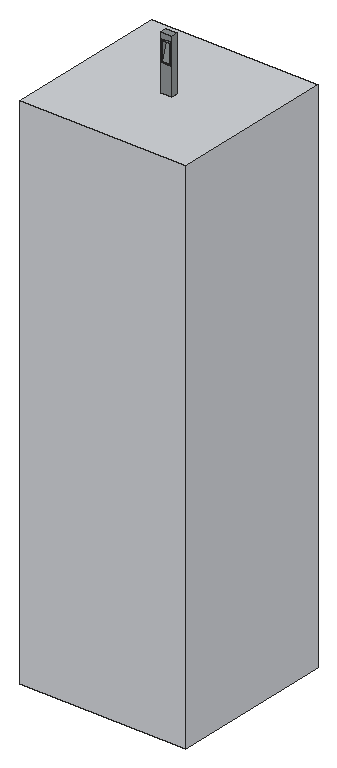
Revit family "Световой боллард Акцент", category Осветительные приборы, Revit 2018
Family settings
  Основа = Грань
  Размер круглого соединителя = Использовать диаметр
  Тип детали = Нормальный
  При загрузке вырезать с полостями = Да
  Источник света = Нет
  Общий = Нет
  Точка расчета площади = Нет
Parameters (values of type "Световой боллард Акцент LED-15/727/YW360F  в комплекте с анкерной закладной")
  Электронный адрес изготовителя = "opora@bl-g.ru"  # constant formula
  Угол наклона технический [instance] = if(Наклон 15 градусов, 255.00°, 270.00°)  # 255.00°
  Светильник = GALAD Акцент LED под анкер : Световой боллард "Акцент" LED-15/727/YW360F  в комплекте с анкерной закладной
  Наклон 15 градусов [instance] = yes
  Наименование ЗДФ = ""
  Характеристика заземления = "Болт заземления М10"
  Тип фиксации опоры к закладной = ""
  Тип продукции = "Осветительный комплект"
  Тип опоры = "Несиловая"
  Тип монтажной поверхности = "грунт"
  Телефон изготовителя = "+7 (495) 785-50-28"  # constant formula
  Срок службы = "25 лет"
  Способ установки = "Ф"
  Серия = "Осветительный комплект"
  Сайт изготовителя = "https://www.opora-e.com/"  # constant formula
  Провод питания = "Подземный"
  Покрытие = "Цинк, порошковая покраска"
  Default Elevation = 1219.2 mm
  Описание = "Боллард с подсветкой"
  Область использования = "Садово-парковое освещение"
  Наличие цоколя = no
  Наличие лючка = no
  Максимальный вес оборудования = 0
  Максимальное горизонтальное усилие = 0
  Климатическое исполнение = "У1"
  Климатическая зона = "III"
  Класс защиты от поражения электрическим током = "I"
  Класс Защиты = "1"
  Изготовитель = [ADSK_Завод-изготовитель]  # "ООО «ОПОРА ИНЖИНИРИНГ»"
  Допустимые ветровые нагрузки = ""
  Группа модели = "Осветительный комплект"
  Высота соединения от земли [instance] = 100 mm
  Вид опоры = "К"
  А = 320 mm
  h1 = 403 mm
  H = 800 mm
  URL = "https://opora-e.com/"
  ADSK_Размер_Ширина = 160 mm
  ADSK_Размер_Длина = 100 mm
  ADSK_Примечание = ""
  ADSK_Позиция = ""
  ADSK_Обозначение = "ГОСТ Р 1.4 – 2004, ГОСТ Р 1.5 – 2004, ГОСТ 16350-80, ГОСТ Р 1.12 – 2004, ГОСТ 8732-78, ГОСТ 10704-81, ГОСТ 11533-75, ГОСТ 27772-88*, ГОСТ 14771 -76, ГОСТ 23518-79, ГОСТ 14776-79*, ГОСТ 9.032-74* ЕСЗК, ГОСТ 9.307-89 ЕСЗК, ГОСТ 23118-99, ГОСТ 24297-87, ГОСТ 15.309-98, ГОСТ Р 15.201-2000"
  ADSK_Наименование краткое = "Акцент LED-15/727/YW360F"
  ADSK_Наименование = "Световой боллард Акцент LED-15/727/YW360F  в комплекте с анкерной закладной"
  ADSK_Материал = Сталь
  ADSK_Масса_Текст = ""
  ADSK_Масса = 0
  ADSK_Марка = ADSK_Наименование  # "Световой боллард Акцент LED-15/727/YW360F  в комплекте с анкерной закладной"
  ADSK_Количество = 1  # constant formula
  ADSK_Код изделия = "19716"
  ADSK_Завод-изготовитель = "ООО «ОПОРА ИНЖИНИРИНГ»"
  ADSK_Единица измерения = "шт."  # constant formula
  ADSK_Группирование = ""
  ADSK_Версия семейства = "1.01"  # constant formula
  ADSK_Версия Revit = "2018"  # constant formula
Reference planes
  plane 1 "По центру (Вперед/Назад)": y = 0
  plane 2: z = 0
  plane 3 "По центру (Влево/Вправо)": x = 0
  plane 4: y = 160
  plane 5: y = -160
  plane 6: x = -160
  plane 7: x = 160
  plane 8: z = 5100
  plane 9: z = -19
Forms (mm)
  Extrusion 1, solid
    sketch origin (0, 0, 0) x (1, 0, 0) y (0, 1, 0)
      loop
        line (-1219.2, 1219.2) -> (-1219.2, -1219.2) -> (1219.2, -1219.2) -> (1219.2, 1219.2) -> (-1219.2, 1219.2)
    from 0 to -7710.196
  Extrusion 2, solid, material "Сталь" <- "ADSK_Материал", detail levels fine
    sketch origin (-87.842, -4572, -19) x (-1, 0, 0) y (0, -1, 0)
      loop
        line (-7.842, -4622) -> (-7.842, -4522) -> (-167.842, -4522) -> (-167.842, -4622) -> (-7.842, -4622)
    from 0 to 4
  Sweep 3, solid, material "Сталь" <- "ADSK_Материал", detail levels medium+fine
    path origin (-53, -52, 0) x (0, -1, 0) y (0, 0, -1)
      loop
        line (-72, -20) -> (-72, 346.034)
        arc (-72, 346.034) -> (-80.787, 367.247) -> (-102, 376.034) r 30
        line (-102, 376.034) -> (-142, 376.034)
    profile origin (-53, 20, -163.017) x (1, 0, 0) y (0, 1, 0)
      loop
        circle (0, 0) r 3
  Sweep 4, solid, material "Сталь" <- "ADSK_Материал", detail levels medium+fine
    path origin (53, -52, 0) x (0, -1, 0) y (0, 0, 1)
      loop
        line (-72, 20) -> (-72, -346.034)
        arc (-72, -346.034) -> (-80.787, -367.247) -> (-102, -376.034) r 30
        line (-102, -376.034) -> (-142, -376.034)
    profile origin (53, 20, -163.017) x (-1, 0, 0) y (0, -1, 0)
      loop
        circle (0, 0) r 3
  Sweep 5, solid, material "Сталь" <- "ADSK_Материал", detail levels medium+fine
    path origin (-53, 52, 0) x (0, 1, 0) y (0, 0, 1)
      loop
        line (-72, 20) -> (-72, -346.034)
        arc (-72, -346.034) -> (-80.787, -367.247) -> (-102, -376.034) r 30
        line (-102, -376.034) -> (-142, -376.034)
    profile origin (-53, -20, -163.017) x (1, 0, 0) y (0, 1, 0)
      loop
        circle (0, 0) r 3
  Sweep 6, solid, material "Сталь" <- "ADSK_Материал", detail levels medium+fine
    path origin (53, 52, 0) x (0, 1, 0) y (0, 0, -1)
      loop
        line (-72, -20) -> (-72, 346.034)
        arc (-72, 346.034) -> (-80.787, 367.247) -> (-102, 376.034) r 30
        line (-102, 376.034) -> (-142, 376.034)
    profile origin (53, -20, -163.017) x (-1, 0, 0) y (0, -1, 0)
      loop
        circle (0, 0) r 3
Dimensions and locks
  equal spacing: plane 6, plane 3 "По центру (Влево/Вправо)", plane 7
  "А": plane 6 to plane 7
  equal spacing: plane 4, plane 1 "По центру (Вперед/Назад)", plane 5
  "А": plane 4 to plane 5
  aligned and locked: plane 2 to Extrusion 1
  aligned and locked: level to Extrusion 1
Automatic sketch dimensions
  Extrusion 1 sketch curve to Extrusion 1 sketch curve = 2438.4 mm  (x2)
  plane 3 "По центру (Влево/Вправо)" to Extrusion 2 sketch curve = 80 mm
  Extrusion 2 sketch curve to plane 3 "По центру (Влево/Вправо)" = 80 mm
  Extrusion 2 sketch curve to plane 1 "По центру (Вперед/Назад)" = 50 mm
  plane 1 "По центру (Вперед/Назад)" to Extrusion 2 sketch curve = 50 mm
  Sweep 3 sketch curve to plane 1 "По центру (Вперед/Назад)" = 50 mm
  Sweep 3 sketch curve to plane 1 "По центру (Вперед/Назад)" = 20 mm
  Sweep 3 sketch curve to plane 9 = 327.034 mm
  Sweep 3 sketch curve to Sweep 3 sketch curve = 40 mm
  level to Sweep 3 sketch curve = 20 mm
  profile plane to Sweep 3 sketch curve = 0 mm
  Sweep 3 sketch curve to profile plane = 0 mm
  Sweep 4 sketch curve to plane 1 "По центру (Вперед/Назад)" = 50 mm
  Sweep 4 sketch curve to plane 1 "По центру (Вперед/Назад)" = 20 mm
  Sweep 4 sketch curve to plane 9 = 357.034 mm
  Sweep 4 sketch curve to Sweep 4 sketch curve = 40 mm
  level to Sweep 4 sketch curve = 20 mm
  Sweep 4 sketch curve to profile plane = 0 mm  (x2)
  plane 1 "По центру (Вперед/Назад)" to Sweep 5 sketch curve = 50 mm
  plane 1 "По центру (Вперед/Назад)" to Sweep 5 sketch curve = 20 mm
  Sweep 5 sketch curve to plane 9 = 357.034 mm
  Sweep 5 sketch curve to Sweep 5 sketch curve = 40 mm
  level to Sweep 5 sketch curve = 20 mm
  profile plane to Sweep 5 sketch curve = 0 mm
  Sweep 5 sketch curve to profile plane = 0 mm
  plane 1 "По центру (Вперед/Назад)" to Sweep 6 sketch curve = 50 mm
  plane 1 "По центру (Вперед/Назад)" to Sweep 6 sketch curve = 20 mm
  Sweep 6 sketch curve to plane 9 = 327.034 mm
  Sweep 6 sketch curve to Sweep 6 sketch curve = 40 mm
  level to Sweep 6 sketch curve = 20 mm
  Sweep 6 sketch curve to profile plane = 0 mm  (x2)
  radius of Sweep 3 sketch curve = 3 mm
  radius of Sweep 4 sketch curve = 3 mm
  radius of Sweep 5 sketch curve = 3 mm
  radius of Sweep 6 sketch curve = 3 mm
Nested families
  nested 1: "GALAD Акцент LED под анкер" at (0, 0, 0), type <- "Светильник", type "Световой боллард "Акцент" LED-15/727/YW360F  в комплекте с анкерной закладной"
Definition of nested family "GALAD Акцент LED под анкер"
  Parameters (values of type "Световой боллард "Акцент" LED-15/727/YW360F  в комплекте с анкерной закладной")
    built-in parameter 1150104 = 13.8 (stored number, unit not read)
    Частота = "50"  # constant formula
    Цветопередача = 70  # constant formula
    built-in parameter 1150134 = 12
    Photometric Web File = "Akcent LED-10.ies"
    Tilt Angle = -90.00°
    Тип устройства управления светодиодами = "без управления"  # constant formula
    Тип продукции = "Светильник"  # constant formula
    Тип монтажной поверхности = "садово-парковая территория"  # constant formula
    Тип источника света = "LED"  # constant formula
    Тип ПРА = "ЭПРА"  # constant formula
    Тип КСС = ""
    Срок службы = "12 лет"  # constant formula
    built-in parameter 1150137 = (empty or 0)
    built-in parameter 1150132 = 2
    built-in parameter 1150114 = 1 (stored number, unit not read)
    Снижение светового потока во время разгорания = "не более 6%"  # constant formula
    Dimming Lamp Color Temperature Shift = (empty or 0)
    built-in parameter 1150105 = 29.16 (stored number, unit not read)
    Color Filter = 16777215
    Lumens = 30 lm
    Световая отдача = 3  # constant formula
    built-in parameter 1150109 = 1 (stored number, unit not read)
    built-in parameter 1150112 = 1 (stored number, unit not read)
    built-in parameter 1150110 = 1 (stored number, unit not read)
    built-in parameter 1150113 = 1 (stored number, unit not read)
    built-in parameter 1150115 = 1 (stored number, unit not read)
    built-in parameter 1114218 = 1 (stored number, unit not read)
    built-in parameter 1114217 = 1 (stored number, unit not read)
    Apparent Load = ADSK_Номинальная мощность / ADSK_Коэффициент мощности  # 22.2222 VA
    Default Elevation = 1219.2 mm
    built-in parameter 1150106 = 0.2916 (stored number, unit not read)
    Description = "Световой боллард Акцент LED-20/727/YW360F  в комплекте с анкерной закладной "  # constant formula
    Область использования = "Садово-парковое освещение"  # constant formula
    built-in parameter 1150142 = "IESNA:LM-63-2002\r\n[TEST] Акцент LED-10 Боллард для ландшафтного и садовопаркового сегмента\r\n[TESTLAB] GALAD(ЛЗСИ) \r\n[ISSUEDATE] 16/12/2021\r\n[MANUFAC] GALAD \r\n[LUMCAT] Акцент LED-10 (730/RAL7040/0/900/GEN1)\r\n[LUMINAIRE] \r\n[LAMPCAT] COB 730\r\n[LAMP] LED Citizen \r\n[OTHER] CCT=3000K, CRI=70, RG1\r\nTILT=NONE\r\n1 450 1.6 91 37 1 2 0.140 0.090 0.200\r\n1 1 9\r\n0 2 4 6 8 10 12 14 16 18 20 22 24 26 28 30 32 34 36 38 40 42 44 46 48 50 52 \r\n54 56 58 60 62 64 66 68 70 72 74 76 78 80 82 84 86 88 90 92 94 96 98 100 102 \r\n104 106 108 110 112 114 116 118 120 122 124 126 128 130 132 134 136 138 140 \r\n142 144 146 148 150 152 154 156 158 160 162 164 166 168 170 172 174 176 178 \r\n180 \r\n0 5 10 15 20 25 30 35 40 45 50 55 60 65 70 75 80 85 90 95 100 105 110 115 120 \r\n125 130 135 140 145 150 155 160 165 170 175 180 \r\n0.02 0.08 0.21 0.39 0.62 2.18 8.22 21.48 67.09 248.6 394.3 415.7 417.1 413.5 \r\n422.6 428.2 430.6 429.8 425.6 418.7 408.7 397.1 383.3 368.1 351.2 333.8 315.3 \r\n296.7 277.8 259.1 240.1 222.2 204.4 187.5 171.4 156.7 142.2 128.8 116.6 105.2 \r\n94.8 85.1 76.26 67.71 59.81 52.18 46.14 42.37 39.57 38.01 36.45 34.46 31.53 \r\n28.06 25.19 22.65 20.51 18.61 16.93 15.41 14.09 12.86 11.74 10.73 9.8 8.95 8.15 \r\n7.43 6.75 6.13 5.55 5.02 4.51 4.06 3.63 3.23 2.85 2.52 2.19 1.9 1.63 1.39 1.15 \r\n0.95 0.76 0.56 0.34 0.18 0.04 0.01 0.01 \r\n0.02 0.07 0.21 0.39 0.62 2.13 8.16 21.38 65.89 245.3 398.8 422.35 424.15 420 \r\n428.05 433.5 435.6 434.25 429.7 422.3 411.9 399.7 385.4 369.7 352.5 334.8 315.85 \r\n297.05 278 259.1 239.95 222 204.2 187.3 171.15 156.35 141.85 128.4 116.25 104.75 \r\n94.35 84.6 75.74 67.14 59.24 51.67 45.71 41.97 39.17 37.65 36.09 34.11 31.17 \r\n27.75 24.93 22.43 20.34 18.48 16.83 15.33 14.04 12.82 11.73 10.73 9.81 8.96 \r\n8.18 7.47 6.79 6.17 5.59 5.06 4.55 4.1 3.67 3.27 2.89 2.55 2.22 1.93 1.65 1.4 \r\n1.17 0.96 0.77 0.56 0.34 0.18 0.04 0.01 0.01 \r\n0.02 0.08 0.21 0.4 0.62 1.95 7.78 20.39 60.19 226.5 397.95 427.4 430.4 424.2 \r\n431.3 436 437.4 435.35 429.95 421.65 410.3 397.2 382.2 365.75 348.05 329.95 \r\n310.85 292 272.95 254.15 235.2 217.6 199.95 183.3 167.5 152.95 138.65 125.3 \r\n113.35 101.95 91.7 82.05 73.12 64.6 56.79 49.47 43.92 40.35 37.66 36.26 34.78 \r\n32.9 30.04 26.84 24.2 21.86 19.88 18.1 16.53 15.1 13.85 12.68 11.61 10.64 9.74 \r\n8.91 8.14 7.45 6.78 6.17 5.59 5.07 4.57 4.12 3.69 3.29 2.91 2.57 2.24 1.95 1.67 \r\n1.41 1.17 0.97 0.77 0.56 0.34 0.17 0.04 0.01 0.01 \r\n0.02 0.07 0.21 0.38 0.62 1.6 7.05 18.43 50.74 189.6 383.75 425.15 429.2 422 \r\n425.25 428.6 428 423.75 415.9 405.4 392.05 377.65 361.65 344.8 327 309.3 290.85 \r\n272.8 254.7 236.95 219.2 202.6 186.05 170.4 155.5 141.8 128.35 115.8 104.45 \r\n93.6 83.75 74.65 66.18 58.14 50.97 44.52 39.75 36.67 34.35 33.28 32.03 30.41 \r\n27.83 25.13 22.84 20.78 19 17.38 15.94 14.6 13.43 12.32 11.32 10.4 9.53 8.74 \r\n7.99 7.32 6.68 6.09 5.53 5.01 4.53 4.09 3.66 3.27 2.89 2.56 2.23 1.93 1.66 1.4 \r\n1.17 0.96 0.76 0.54 0.33 0.17 0.04 0.01 0.01 \r\n0.02 0.07 0.2 0.38 0.61 1.12 5.93 15.47 39.51 139.7 347 411.3 417.45 411.3 406.95 \r\n405.3 399.65 391 379.85 367.25 352.65 338.05 322.3 306.4 289.75 273.45 256.7 \r\n240.3 224.05 208.15 192.2 177.3 162.5 148.5 135.1 122.85 110.8 99.55 89.4 79.7 \r\n70.9 62.8 55.44 48.64 42.69 37.59 33.79 31.5 29.77 29.15 28.2 26.94 24.92 22.87 \r\n21.04 19.32 17.8 16.38 15.1 13.89 12.83 11.81 10.89 10.01 9.2 8.47 7.76 7.12 \r\n6.5 5.93 5.41 4.91 4.43 4.01 3.6 3.21 2.85 2.52 2.2 1.91 1.64 1.39 1.16 0.95 \r\n0.75 0.52 0.31 0.15 0.03 0.01 0.01 \r\n0.02 0.06 0.19 0.37 0.58 0.9 4.63 12.23 29 88.5 266.35 357.25 366.5 362.45 354.15 \r\n347.45 338.7 329.05 317.7 306.15 293.25 280.5 266.95 253.25 239.1 225.3 211.05 \r\n197.3 183.65 170.3 157 144.6 132.25 120.65 109.65 99.5 89.5 80.2 71.85 63.9 \r\n56.85 50.4 44.69 39.53 35.22 31.32 28.41 26.81 25.6 25.22 24.5 23.48 22 20.47 \r\n19.04 17.64 16.36 15.15 14.05 12.98 12.04 11.12 10.29 9.49 8.76 8.07 7.41 6.82 \r\n6.24 5.7 5.2 4.73 4.28 3.88 3.47 3.11 2.76 2.44 2.13 1.86 1.59 1.35 1.12 0.92 \r\n0.73 0.49 0.29 0.14 0.02 0.01 0.01 \r\n0.02 0.06 0.19 0.34 0.56 0.86 3.34 9.11 20.18 48.6 137.1 207.6 221.55 222.35 \r\n218.2 214.75 209.45 204.1 198.2 192.2 185.15 177.8 170.35 162.75 154.65 146.85 \r\n138.25 130.25 122.1 114.05 106 98.55 90.9 83.7 76.7 70.25 63.85 57.85 52.55 \r\n47.45 43 38.9 35.29 32.03 29.17 26.38 24.32 23.16 22.3 21.98 21.38 20.51 19.38 \r\n18.2 17.06 15.92 14.86 13.84 12.9 11.98 11.15 10.35 9.6 8.89 8.22 7.59 6.99 \r\n6.45 5.91 5.42 4.95 4.51 4.09 3.7 3.33 2.97 2.64 2.34 2.05 1.78 1.53 1.3 1.08 \r\n0.89 0.68 0.45 0.26 0.12 0.01 0.01 0.01 \r\n0.02 0.06 0.17 0.32 0.52 0.79 2.12 6.3 13.34 26 51.8 78.45 93.05 99.15 100 98.8 \r\n97.65 96.25 94.6 92.8 90.65 88.3 85.75 82.85 79.9 76.85 73.6 70.55 67.25 63.95 \r\n60.65 57.45 54.1 50.9 47.7 44.75 41.85 39.1 36.55 34.05 31.8 29.7 27.82 25.95 \r\n24.17 22.39 21.05 20.13 19.5 19.18 18.64 17.86 16.95 15.99 15.07 14.15 13.27 \r\n12.43 11.64 10.85 10.15 9.45 8.8 8.18 7.59 7.03 6.49 6.01 5.51 5.07 4.64 4.23 \r\n3.84 3.48 3.13 2.81 2.49 2.21 1.93 1.68 1.45 1.23 1.02 0.84 0.62 0.4 0.23 0.1 \r\n0.01 0.01 0.01 \r\n0.02 0.05 0.16 0.3 0.48 0.73 1.14 4.06 8.53 15.05 25.4 39 52.9 62.05 65.3 65.4 \r\n64.6 63.6 62.45 61.1 59.55 57.9 56.05 54.15 52.15 50.25 48.25 46.35 44.45 42.6 \r\n40.7 38.95 37.2 35.5 33.9 32.4 30.85 29.4 28.1 26.7 25.45 24.25 23.09 21.89 \r\n20.72 19.57 18.64 17.85 17.35 16.99 16.44 15.72 14.92 14.11 13.32 12.55 11.81 \r\n11.1 10.43 9.77 9.16 8.56 7.99 7.45 6.93 6.44 5.97 5.52 5.09 4.68 4.29 3.92 \r\n3.57 3.24 2.92 2.62 2.33 2.07 1.8 1.57 1.35 1.15 0.96 0.78 0.54 0.34 0.19 0.08 \r\n0.01 0.01 0.01 \r\n0.02 0.05 0.14 0.27 0.43 0.64 0.95 2.35 5.14 8.85 14.3 22.15 32.9 43.65 50.8 \r\n53.45 53.25 52.25 50.9 49.4 47.75 46 44.25 42.45 40.7 39 37.35 35.8 34.3 32.9 \r\n31.45 30.15 28.95 27.8 26.65 25.65 24.65 23.65 22.7 21.8 21 20.1 19.33 18.49 \r\n17.69 16.92 16.25 15.64 15.27 14.89 14.37 13.73 13.06 12.37 11.71 11.06 10.43 \r\n9.82 9.25 8.68 8.16 7.64 7.16 6.69 6.24 5.8 5.39 5.01 4.61 4.26 3.91 3.58 3.26 \r\n2.96 2.67 2.4 2.14 1.89 1.66 1.45 1.25 1.06 0.88 0.67 0.45 0.28 0.16 0.05 0.01 \r\n0.01 0.01 \r\n0.02 0.04 0.12 0.24 0.38 0.57 0.82 1.25 2.91 5.05 8.1 12.35 18.75 27.45 36.65 \r\n42.75 45 44.65 43.4 41.9 40.1 38.35 36.6 34.95 33.3 31.75 30.3 28.9 27.65 26.4 \r\n25.2 24.15 23.15 22.2 21.35 20.55 19.75 19 18.3 17.6 16.95 16.35 15.8 15.21 \r\n14.65 14.14 13.64 13.22 12.94 12.57 12.15 11.64 11.11 10.59 10.06 9.54 9.05 \r\n8.56 8.08 7.61 7.18 6.74 6.33 5.93 5.53 5.16 4.8 4.47 4.13 3.82 3.51 3.21 2.93 \r\n2.66 2.4 2.16 1.92 1.71 1.5 1.3 1.12 0.95 0.76 0.55 0.37 0.23 0.12 0.04 0.01 \r\n0.01 0.01 \r\n0.02 0.04 0.1 0.2 0.33 0.5 0.69 1 1.55 2.8 4.4 6.55 9.8 14.7 21.4 27.9 32.35 \r\n34 33.85 32.95 31.7 30.25 28.85 27.45 26.1 24.85 23.65 22.55 21.55 20.55 19.65 \r\n18.8 18 17.25 16.6 15.95 15.35 14.75 14.25 13.75 13.3 12.85 12.48 12.07 11.71 \r\n11.36 11.02 10.73 10.51 10.2 9.86 9.49 9.11 8.73 8.34 7.95 7.58 7.21 6.84 6.47 \r\n6.13 5.78 5.45 5.12 4.8 4.49 4.18 3.9 3.62 3.34 3.08 2.82 2.58 2.35 2.12 1.9 \r\n1.7 1.51 1.32 1.15 1 0.82 0.61 0.42 0.28 0.17 0.08 0.01 0.01 0.01 0.01 \r\n0.02 0.03 0.09 0.17 0.28 0.41 0.57 0.8 1.11 1.55 2.4 3.45 5.1 7.35 10.5 14 17.35 \r\n19.7 20.8 21 20.65 20.05 19.3 18.5 17.65 16.95 16.2 15.55 14.9 14.3 13.8 13.25 \r\n12.8 12.3 11.9 11.55 11.15 10.8 10.5 10.2 9.95 9.65 9.48 9.23 9.01 8.8 8.58 \r\n8.39 8.2 7.97 7.74 7.48 7.22 6.95 6.68 6.4 6.13 5.86 5.59 5.31 5.05 4.79 4.53 \r\n4.28 4.02 3.77 3.53 3.3 3.06 2.84 2.62 2.41 2.2 2.01 1.82 1.63 1.46 1.29 1.13 \r\n0.99 0.81 0.61 0.44 0.3 0.19 0.11 0.05 0.01 0.01 0.01 0.01 \r\n0.02 0.02 0.08 0.14 0.22 0.32 0.46 0.62 0.82 1.1 1.5 2.05 2.8 3.85 5.1 6.45 \r\n7.95 9.3 10.3 10.95 11.2 11.25 11.1 10.85 10.6 10.3 9.95 9.65 9.4 9.1 8.9 8.6 \r\n8.4 8.2 8 7.9 7.7 7.55 7.4 7.25 7.1 7 6.89 6.77 6.64 6.53 6.4 6.3 6.16 6.01 \r\n5.86 5.7 5.53 5.34 5.16 4.97 4.78 4.59 4.39 4.2 4.01 3.82 3.63 3.43 3.24 3.06 \r\n2.87 2.68 2.5 2.33 2.15 1.99 1.82 1.66 1.5 1.36 1.21 1.08 0.92 0.72 0.55 0.41 \r\n0.28 0.19 0.12 0.05 0.01 0.01 0.01 0.01 0.01 \r\n0.02 0.02 0.05 0.1 0.17 0.25 0.34 0.46 0.6 0.75 1 1.25 1.65 2.05 2.6 3.15 3.75 \r\n4.35 4.9 5.3 5.6 5.8 5.9 5.95 5.9 5.9 5.8 5.7 5.65 5.55 5.5 5.4 5.35 5.3 5.2 \r\n5.15 5.1 5 5 4.9 4.85 4.8 4.78 4.72 4.66 4.6 4.53 4.47 4.41 4.32 4.23 4.12 4.01 \r\n3.9 3.79 3.66 3.54 3.41 3.29 3.15 3.02 2.88 2.75 2.62 2.48 2.35 2.2 2.08 1.93 \r\n1.81 1.67 1.54 1.42 1.3 1.18 1.07 0.89 0.72 0.56 0.43 0.32 0.23 0.15 0.09 0.05 \r\n0.01 0.01 0.01 0.01 0.01 0.01 \r\n0.02 0.02 0.04 0.06 0.12 0.17 0.23 0.31 0.41 0.5 0.6 0.75 0.95 1.15 1.35 1.55 \r\n1.85 2.05 2.3 2.5 2.7 2.8 3 3.05 3.1 3.15 3.2 3.2 3.2 3.2 3.2 3.2 3.2 3.2 3.15 \r\n3.15 3.15 3.15 3.1 3.05 3.05 3.05 3.08 3.06 3.03 3.01 2.97 2.95 2.91 2.88 2.83 \r\n2.77 2.71 2.64 2.58 2.5 2.42 2.35 2.27 2.18 2.1 2.02 1.93 1.84 1.75 1.65 1.57 \r\n1.48 1.38 1.29 1.21 1.12 1 0.85 0.69 0.56 0.44 0.34 0.26 0.19 0.13 0.09 0.05 \r\n0.03 0.01 0.01 0.01 0.01 0.01 0.01 0.01 \r\n0.02 0.02 0.02 0.04 0.06 0.09 0.12 0.18 0.22 0.3 0.35 0.45 0.5 0.6 0.7 0.75 \r\n0.85 0.95 1.05 1.15 1.25 1.35 1.4 1.45 1.5 1.55 1.6 1.6 1.65 1.65 1.7 1.7 1.7 \r\n1.75 1.75 1.75 1.75 1.75 1.75 1.75 1.75 1.75 1.75 1.75 1.74 1.73 1.72 1.71 1.7 \r\n1.68 1.65 1.62 1.6 1.57 1.53 1.49 1.46 1.41 1.37 1.32 1.27 1.23 1.18 1.12 1.08 \r\n1.02 0.96 0.89 0.8 0.7 0.61 0.51 0.42 0.34 0.27 0.21 0.16 0.12 0.09 0.06 0.04 \r\n0.03 0.02 0.02 0.01 0.01 0.01 0.01 0.01 0.01 0.01 \r\n0.02 0.02 0.02 0.02 0.02 0.03 0.04 0.05 0.08 0.1 0.1 0.1 0.2 0.2 0.25 0.25 0.3 \r\n0.35 0.35 0.35 0.45 0.45 0.45 0.45 0.55 0.55 0.55 0.55 0.6 0.65 0.65 0.65 0.65 \r\n0.65 0.65 0.65 0.65 0.65 0.7 0.65 0.7 0.7 0.71 0.71 0.71 0.71 0.7 0.7 0.7 0.69 \r\n0.69 0.68 0.67 0.65 0.65 0.63 0.62 0.61 0.58 0.57 0.55 0.53 0.51 0.49 0.47 0.44 \r\n0.41 0.38 0.34 0.29 0.25 0.21 0.17 0.14 0.11 0.09 0.06 0.05 0.04 0.03 0.03 0.02 \r\n0.02 0.01 0.01 0.01 0.01 0.01 0.01 0.02 0.01 \r\n0.02 0.02 0.02 0.02 0.02 0.02 0.02 0.02 0.02 0.1 0.1 0.1 0.2 0.2 0.25 0.25 0.3 \r\n0.35 0.35 0.35 0.45 0.45 0.45 0.45 0.55 0.55 0.55 0.55 0.6 0.65 0.65 0.65 0.65 \r\n0.65 0.65 0.62 0.61 0.61 0.66 0.61 0.66 0.66 0.02 0.02 0.03 0.02 0.02 0.03 0.02 \r\n0.02 0.02 0.03 0.02 0.02 0.02 0.03 0.03 0.01 0.02 0.03 0.02 0.01 0.01 0.01 0.02 \r\n0.01 0.01 0.01 0.01 0.01 0.01 0.01 0.01 0.02 0.01 0.01 0.02 0.01 0.01 0.01 0.02 \r\n0.01 0.01 0.01 0.01 0.01 0.01 0.01 0.01 0.01 0.01 \r\n0.02 0.02 0.02 0.02 0.02 0.02 0.02 0.02 0.02 0.1 0.1 0.1 0.2 0.2 0.25 0.25 0.3 \r\n0.35 0.35 0.35 0.45 0.45 0.45 0.45 0.55 0.55 0.55 0.55 0.6 0.65 0.65 0.65 0.65 \r\n0.65 0.65 0.59 0.58 0.57 0.62 0.58 0.62 0.62 0.01 0.02 0.02 0.02 0.01 0.02 0.01 \r\n0.01 0.01 0.01 0.01 0.02 0.02 0.02 0.01 0.01 0.02 0.01 0.01 0.01 0.01 0.01 0.01 \r\n0.01 0.02 0.02 0.02 0.01 0.01 0.01 0.02 0.01 0.01 0.01 0.02 0.01 0.01 0.01 0.01 \r\n0.01 0.01 0.01 0.01 0.01 0.01 0.01 0.01 0.01 0.01 \r\n0.02 0.02 0.02 0.02 0.02 0.02 0.02 0.02 0.02 0.1 0.1 0.1 0.2 0.2 0.25 0.25 0.3 \r\n0.35 0.35 0.35 0.45 0.45 0.45 0.45 0.55 0.55 0.55 0.55 0.6 0.65 0.65 0.65 0.65 \r\n0.65 0.65 0.56 0.54 0.54 0.59 0.54 0.58 0.58 0.02 0.02 0.02 0.02 0.01 0.01 0.02 \r\n0.02 0.02 0.01 0.02 0.02 0.02 0.02 0.02 0.02 0.02 0.01 0.01 0.02 0.01 0.02 0.01 \r\n0.01 0.02 0.02 0.01 0.01 0.01 0.01 0.02 0.01 0.02 0.01 0.01 0.02 0.01 0.01 0.01 \r\n0.02 0.01 0.01 0.02 0.01 0.01 0.01 0.01 0.01 0.01 \r\n0.02 0.02 0.02 0.02 0.02 0.02 0.02 0.02 0.02 0.1 0.1 0.1 0.2 0.2 0.25 0.25 0.3 \r\n0.35 0.35 0.35 0.45 0.45 0.45 0.45 0.55 0.55 0.55 0.55 0.6 0.65 0.65 0.65 0.65 \r\n0.65 0.65 0.53 0.51 0.5 0.55 0.5 0.55 0.55 0.02 0.02 0.02 0.02 0.02 0.02 0.02 \r\n0.02 0.02 0.02 0.02 0.02 0.02 0.02 0.02 0.02 0.02 0.02 0.02 0.02 0.02 0.02 0.01 \r\n0.01 0.01 0.01 0.01 0.01 0.02 0.01 0.02 0.02 0.01 0.02 0.02 0.02 0.02 0.02 0.02 \r\n0.01 0.02 0.02 0.01 0.02 0.02 0.01 0.01 0.01 0.01 \r\n0.02 0.02 0.02 0.02 0.01 0.02 0.02 0.02 0.01 0.1 0.1 0.1 0.2 0.2 0.25 0.25 0.3 \r\n0.35 0.35 0.35 0.45 0.45 0.45 0.45 0.55 0.55 0.55 0.55 0.6 0.65 0.65 0.65 0.65 \r\n0.65 0.65 0.5 0.47 0.46 0.51 0.47 0.51 0.51 0.02 0.02 0.02 0.02 0.02 0.02 0.02 \r\n0.02 0.02 0.02 0.02 0.02 0.02 0.02 0.02 0.02 0.02 0.02 0.02 0.02 0.02 0.02 0.02 \r\n0.02 0.02 0.01 0.02 0.02 0.01 0.02 0.02 0.02 0.02 0.02 0.02 0.02 0.02 0.02 0.02 \r\n0.02 0.02 0.02 0.02 0.02 0.02 0.01 0.01 0.01 0.01 \r\n0.02 0.02 0.02 0.02 0.02 0.02 0.01 0.02 0.02 0.1 0.1 0.1 0.2 0.2 0.25 0.25 0.3 \r\n0.35 0.35 0.35 0.45 0.45 0.45 0.45 0.55 0.55 0.55 0.55 0.6 0.65 0.65 0.65 0.65 \r\n0.65 0.65 0.46 0.44 0.42 0.47 0.43 0.47 0.47 0.02 0.02 0.02 0.02 0.02 0.02 0.02 \r\n0.02 0.02 0.02 0.02 0.02 0.02 0.02 0.02 0.02 0.02 0.02 0.02 0.02 0.02 0.02 0.02 \r\n0.02 0.02 0.02 0.02 0.02 0.02 0.02 0.02 0.02 0.02 0.02 0.02 0.02 0.02 0.03 0.03 \r\n0.03 0.03 0.03 0.03 0.02 0.01 0.01 0.01 0.01 0.01 \r\n0.02 0.02 0.02 0.01 0.02 0.02 0.02 0.02 0.02 0.1 0.1 0.1 0.2 0.2 0.25 0.25 0.3 \r\n0.35 0.35 0.35 0.45 0.45 0.45 0.45 0.55 0.55 0.55 0.55 0.6 0.65 0.65 0.65 0.65 \r\n0.65 0.65 0.43 0.4 0.38 0.44 0.39 0.43 0.43 0.03 0.03 0.03 0.03 0.03 0.03 0.03 \r\n0.02 0.03 0.03 0.02 0.03 0.03 0.02 0.02 0.02 0.02 0.02 0.02 0.02 0.02 0.02 0.02 \r\n0.02 0.02 0.02 0.02 0.02 0.02 0.02 0.02 0.02 0.02 0.02 0.03 0.03 0.03 0.03 0.03 \r\n0.03 0.03 0.03 0.03 0.02 0.02 0.01 0.01 0.01 0.01 \r\n0.02 0.02 0.02 0.02 0.02 0.02 0.02 0.02 0.02 0.1 0.1 0.1 0.2 0.2 0.25 0.25 0.3 \r\n0.35 0.35 0.35 0.45 0.45 0.45 0.45 0.55 0.55 0.55 0.55 0.6 0.65 0.65 0.65 0.65 \r\n0.65 0.65 0.4 0.37 0.35 0.4 0.36 0.39 0.39 0.03 0.03 0.03 0.03 0.03 0.03 0.03 \r\n0.03 0.03 0.03 0.03 0.03 0.03 0.03 0.03 0.03 0.03 0.02 0.03 0.03 0.02 0.02 0.02 \r\n0.02 0.02 0.02 0.02 0.02 0.02 0.02 0.03 0.03 0.03 0.03 0.03 0.03 0.04 0.04 0.04 \r\n0.04 0.04 0.04 0.03 0.03 0.02 0.01 0.01 0.01 0.01 \r\n0.02 0.02 0.02 0.02 0.01 0.01 0.02 0.02 0.02 0.1 0.1 0.1 0.2 0.2 0.25 0.25 0.3 \r\n0.35 0.35 0.35 0.45 0.45 0.45 0.45 0.55 0.55 0.55 0.55 0.6 0.65 0.65 0.65 0.65 \r\n0.65 0.65 0.37 0.33 0.31 0.36 0.32 0.35 0.35 0.03 0.03 0.03 0.03 0.03 0.03 0.03 \r\n0.03 0.03 0.03 0.03 0.03 0.03 0.03 0.03 0.03 0.03 0.03 0.03 0.03 0.03 0.03 0.03 \r\n0.03 0.02 0.03 0.02 0.02 0.02 0.03 0.03 0.03 0.03 0.04 0.04 0.04 0.05 0.05 0.05 \r\n0.05 0.05 0.04 0.03 0.03 0.03 0.01 0.01 0.01 0.01 \r\n0.02 0.02 0.01 0.02 0.01 0.01 0.02 0.02 0.01 0.1 0.1 0.1 0.2 0.2 0.25 0.25 0.3 \r\n0.35 0.35 0.35 0.45 0.45 0.45 0.45 0.55 0.55 0.55 0.55 0.6 0.65 0.65 0.65 0.65 \r\n0.65 0.65 0.34 0.3 0.27 0.32 0.28 0.31 0.31 0.03 0.03 0.04 0.04 0.04 0.04 0.04 \r\n0.04 0.04 0.04 0.04 0.04 0.04 0.04 0.04 0.04 0.04 0.04 0.03 0.03 0.03 0.03 0.03 \r\n0.03 0.03 0.03 0.03 0.03 0.03 0.04 0.04 0.04 0.05 0.05 0.05 0.06 0.06 0.06 0.06 \r\n0.05 0.05 0.05 0.04 0.03 0.02 0.01 0.01 0.01 0.01 \r\n0.02 0.02 0.02 0.02 0.01 0.01 0.02 0.02 0.02 0.1 0.1 0.1 0.2 0.2 0.25 0.25 0.3 \r\n0.35 0.35 0.35 0.45 0.45 0.45 0.45 0.55 0.55 0.55 0.55 0.6 0.65 0.65 0.65 0.65 \r\n0.65 0.65 0.31 0.26 0.23 0.29 0.25 0.27 0.27 0.04 0.04 0.04 0.05 0.04 0.05 0.05 \r\n0.05 0.05 0.05 0.05 0.05 0.05 0.05 0.05 0.05 0.05 0.05 0.05 0.05 0.04 0.04 0.04 \r\n0.04 0.04 0.03 0.04 0.04 0.04 0.05 0.05 0.06 0.06 0.07 0.07 0.07 0.07 0.07 0.07 \r\n0.06 0.05 0.05 0.04 0.03 0.03 0.01 0.01 0.01 0.01 \r\n0.02 0.01 0.01 0.02 0.01 0.01 0.02 0.02 0.01 0.1 0.1 0.1 0.2 0.2 0.25 0.25 0.3 \r\n0.35 0.35 0.35 0.45 0.45 0.45 0.45 0.55 0.55 0.55 0.55 0.6 0.65 0.65 0.65 0.65 \r\n0.65 0.65 0.28 0.22 0.19 0.25 0.21 0.23 0.23 0.04 0.05 0.05 0.05 0.05 0.05 0.05 \r\n0.06 0.06 0.06 0.06 0.06 0.06 0.06 0.06 0.06 0.06 0.06 0.06 0.06 0.06 0.05 0.05 \r\n0.05 0.05 0.05 0.05 0.05 0.06 0.06 0.07 0.08 0.08 0.08 0.08 0.08 0.08 0.08 0.07 \r\n0.07 0.06 0.05 0.04 0.03 0.03 0.01 0.01 0.01 0.01 \r\n0.02 0.01 0.01 0.01 0.02 0.01 0.01 0.02 0.01 0.1 0.1 0.1 0.2 0.2 0.25 0.25 0.3 \r\n0.35 0.35 0.35 0.45 0.45 0.45 0.45 0.55 0.55 0.55 0.55 0.6 0.65 0.65 0.65 0.65 \r\n0.65 0.65 0.25 0.19 0.15 0.21 0.17 0.2 0.2 0.05 0.05 0.06 0.06 0.06 0.06 0.07 \r\n0.07 0.08 0.08 0.08 0.08 0.08 0.08 0.09 0.08 0.08 0.09 0.08 0.08 0.08 0.07 0.07 \r\n0.07 0.06 0.06 0.06 0.06 0.07 0.08 0.09 0.09 0.09 0.09 0.09 0.09 0.09 0.08 0.08 \r\n0.07 0.06 0.05 0.04 0.03 0.03 0.02 0.01 0.01 0.01 \r\n0.02 0.01 0.02 0.01 0.02 0.02 0.01 0.02 0.01 0.1 0.1 0.1 0.2 0.2 0.25 0.25 0.3 \r\n0.35 0.35 0.35 0.45 0.45 0.45 0.45 0.55 0.55 0.55 0.55 0.6 0.65 0.65 0.65 0.65 \r\n0.65 0.65 0.22 0.15 0.12 0.17 0.14 0.16 0.16 0.05 0.06 0.06 0.07 0.07 0.08 0.08 \r\n0.09 0.09 0.09 0.1 0.1 0.1 0.1 0.1 0.1 0.1 0.1 0.1 0.1 0.09 0.09 0.09 0.09 0.08 \r\n0.08 0.08 0.08 0.09 0.09 0.1 0.
      1 0.1 0.1 0.1 0.1 0.09 0.09 0.08 0.07 0.06 0.05 \r\n0.04 0.03 0.03 0.02 0.01 0.01 0.01 \r\n0.02 0.02 0.01 0.01 0.01 0.01 0.01 0.02 0.01 0.1 0.1 0.1 0.2 0.2 0.25 0.25 0.3 \r\n0.35 0.35 0.35 0.45 0.45 0.45 0.45 0.55 0.55 0.55 0.55 0.6 0.65 0.65 0.65 0.65 \r\n0.65 0.65 0.19 0.12 0.1 0.14 0.1 0.12 0.12 0.06 0.07 0.08 0.08 0.09 0.09 0.1 \r\n0.1 0.11 0.11 0.12 0.12 0.12 0.12 0.12 0.12 0.12 0.12 0.12 0.12 0.12 0.11 0.11 \r\n0.1 0.09 0.09 0.09 0.09 0.1 0.1 0.11 0.12 0.12 0.12 0.11 0.1 0.1 0.09 0.09 0.08 \r\n0.06 0.05 0.04 0.03 0.03 0.02 0.02 0.01 0.01 \r\n0.02 0.02 0.01 0.01 0.01 0.01 0.01 0.01 0.01 0.1 0.1 0.1 0.2 0.2 0.25 0.25 0.3 \r\n0.35 0.35 0.35 0.45 0.45 0.45 0.45 0.55 0.55 0.55 0.55 0.6 0.65 0.65 0.65 0.65 \r\n0.65 0.65 0.19 0.1 0.1 0.12 0.1 0.1 0.1 0.07 0.08 0.08 0.09 0.1 0.1 0.11 0.11 \r\n0.12 0.12 0.13 0.13 0.14 0.14 0.14 0.14 0.14 0.14 0.14 0.14 0.13 0.13 0.12 0.12 \r\n0.1 0.1 0.1 0.1 0.12 0.12 0.13 0.13 0.14 0.13 0.13 0.12 0.11 0.1 0.09 0.08 0.06 \r\n0.05 0.04 0.03 0.03 0.02 0.02 0.01 0.01 \r\n0.02 0.02 0.01 0.02 0.01 0.01 0.01 0.02 0.01 0.1 0.1 0.1 0.2 0.2 0.25 0.25 0.3 \r\n0.35 0.35 0.35 0.45 0.45 0.45 0.45 0.55 0.55 0.55 0.55 0.6 0.65 0.65 0.65 0.65 \r\n0.65 0.65 0.19 0.1 0.1 0.1 0.1 0.1 0.1 0.08 0.09 0.09 0.1 0.1 0.11 0.12 0.12 \r\n0.13 0.14 0.14 0.14 0.15 0.15 0.15 0.16 0.15 0.15 0.15 0.15 0.14 0.14 0.13 0.12 \r\n0.11 0.11 0.11 0.11 0.12 0.13 0.14 0.14 0.15 0.15 0.14 0.13 0.12 0.11 0.09 0.09 \r\n0.07 0.05 0.04 0.03 0.03 0.02 0.02 0.01 0.01 \r\n0.02 0.01 0.01 0.02 0.01 0.01 0.01 0.02 0.01 0.1 0.1 0.1 0.2 0.2 0.25 0.25 0.3 \r\n0.35 0.35 0.35 0.45 0.45 0.45 0.45 0.55 0.55 0.55 0.55 0.6 0.65 0.65 0.65 0.65 \r\n0.65 0.65 0.19 0.1 0.1 0.1 0.1 0.1 0.1 0.08 0.09 0.09 0.1 0.11 0.12 0.13 0.13 \r\n0.14 0.14 0.15 0.15 0.16 0.16 0.16 0.17 0.16 0.16 0.16 0.15 0.15 0.14 0.14 0.13 \r\n0.12 0.11 0.11 0.11 0.13 0.14 0.15 0.15 0.16 0.16 0.15 0.14 0.13 0.12 0.1 0.09 \r\n0.07 0.05 0.04 0.03 0.03 0.02 0.02 0.01 0.01 \r\n0.02 0.02 0.02 0.01 0.01 0.01 0.02 0.02 0.01 0.1 0.1 0.1 0.2 0.2 0.25 0.25 0.3 \r\n0.35 0.35 0.35 0.45 0.45 0.45 0.45 0.55 0.55 0.55 0.55 0.6 0.65 0.65 0.65 0.65 \r\n0.65 0.65 0.19 0.1 0.1 0.1 0.1 0.1 0.1 0.08 0.09 0.1 0.1 0.11 0.12 0.13 0.14 \r\n0.14 0.15 0.15 0.16 0.16 0.16 0.17 0.16 0.17 0.16 0.16 0.16 0.15 0.15 0.14 0.13 \r\n0.12 0.11 0.11 0.11 0.13 0.14 0.15 0.16 0.16 0.16 0.16 0.15 0.13 0.12 0.1 0.08 \r\n0.07 0.05 0.03 0.03 0.03 0.02 0.02 0.02 0.01 \r\n"
    Неравномерность яркости = 0
    built-in parameter 1150133 = 10 (stored number, unit not read)
    Wattage = 0.201963 W
    Материал рассеивателя = none
    Материал корпуса = none
    Коэффициент пульсации = "менее 5%"  # constant formula
    built-in parameter 1150139 = (empty or 0)
    Климатическое исполнение = "-45...40 °С"  # constant formula
    Климатическая зона = "У1"  # constant formula
    Класс светораспределения = "П"  # constant formula
    Класс защиты от поражения электрическим током = "1"  # constant formula
    Класс Защиты = "1"  # constant formula
    built-in parameter 1150138 = (empty or 0)
    built-in parameter 1150107 = 4000 (stored number, unit not read)
    built-in parameter 1150102 = (empty or 0)
    Emit from Rectangle Width = 120 mm
    Emit from Rectangle Length = 90 mm
    Manufacturer = "Лихославльский завод 'Светотехника'"  # constant formula
    Диапазон цветовой температуры = "4000±283"  # constant formula
    Возможный угол наклона = "0"  # constant formula
    Emit Shape Visible in Rendering = no
    Блок аварийного питания = 0 = 1  # no
    URL = "https://galad.ru/catalog/outdoor/park/"
    IP = "54"  # constant formula
    ADSK_Энергоэффективность = 3 lm/W  # constant formula
    ADSK_Ток = ADSK_Номинальная мощность / (ADSK_Коэффициент мощности * ADSK_Напряжение * sqrt(ADSK_Количество фаз))  # 0.0966184 A
    ADSK_Размер_Ширина = 100 mm
    ADSK_Размер_Длина = 160 mm
    ADSK_Размер_Высота = 800 mm
    ADSK_Примечание = ""
    ADSK_Полная мощность = ADSK_Номинальная мощность / ADSK_Коэффициент мощности  # 22.2222 VA
    ADSK_Позиция = ""
    ADSK_Обозначение = "ГОСТ IEC 60598-1, ГОСТ 17516.1, ГОСТ 15150"  # constant formula
    ADSK_Номинальная мощность = 20 VA  # constant formula
    ADSK_Напряжение = 230 V  # constant formula
    ADSK_Наименование краткое = "\"Акцент\" LED-15/727/YW360F"
    ADSK_Наименование = "Световой боллард \"Акцент\" LED-15/727/YW360F  в комплекте с анкерной закладной"
    ADSK_Масса_Текст = "5"  # constant formula
    ADSK_Масса = 5  # constant formula
    ADSK_Марка = ADSK_Наименование  # "Световой боллард \"Акцент\" LED-15/727/YW360F  в комплекте с анкерной закладной"
    ADSK_Коэффициент мощности = 0.9  # constant formula
    ADSK_Количество фаз = 1  # constant formula
    ADSK_Количество = 1  # constant formula
    ADSK_Код изделия = "19716"
    ADSK_Классификация нагрузок = none
    ADSK_Завод-изготовитель = Manufacturer  # "Лихославльский завод 'Светотехника'"
    ADSK_Единица измерения = "шт."  # constant formula
    ADSK_Группирование = ""
    ADSK_Версия семейства = "1.01"  # constant formula
    ADSK_Версия Revit = "2018"  # constant formula
